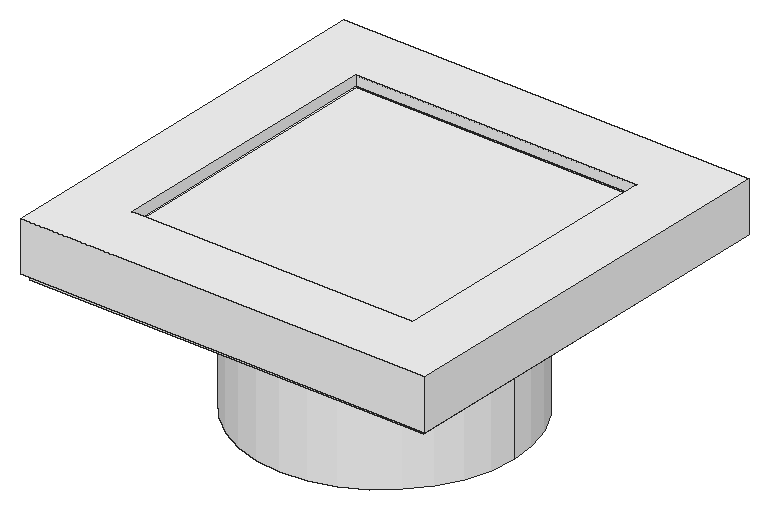
Revit family "Gira_014027", category Electrical Fixtures, host Face, Revit 2017
Family settings
  Host = Face
  Maintain Annotation Orientation = Yes
  Round Connector Dimension = Use Diameter
  Part Type = Normal
  Cut with Voids When Loaded = No
  Shared = No
  Room Calculation Point = No
Parameters (values of type "Hotel-card btn 2-way m-c (ill.) in.sp. System 55 p.white m")
  With lighting = "No"
  White [instance] = White
  URL = "http://katalog.gira.de/en/datenblatt.html?artikelnr=014027"
  Type of fastening = "Mounting with claw and screw"
  Transparent = "No"
  Surface protection = "Other"
  Surface finishing = "Matt"
  Suitable for degree of protection (IP) = "IP20"
  Rated current = "10"
  RAL-number (akin) = "9010"
  Number of rockers = "1"
  Nominal voltage = "250"
  Name = "Hotel-card btn 2-way m-c (ill.) in.sp. System 55 p.white m"
  Mounting method = "Flush mounted (plaster)"
  Model = "Single push button"
  Method of operation = "Hotel card"
  Material quality = "Thermoplastic"
  Material = "Plastic"
  Manufacturer URL = "https://www.gira.de/"
  Manufacturer = "Gira"
  Label space/information surface = "Yes"
  Imprint = "None"
  HeinzeBIM = "https://bimportal.heinze.de/bim/hotel-card-btn-2-way-m-c-ill-in-sp-system-55-p-white-m/35ec957bbd07393de02218c6f2cd6bbd381b3f50"
  Halogen free = "Yes"
  HAN = "014027"
  GTIN = "4010337140276"
  Feedback-signal contact = "No"
  Description = "Hotel-crd 2-w m-c cbi in.sp. Sys55 PWm,Hotel-card button 10 AX 250 V~ can be illuminated with inscription space,2-way momentary-contact, 1-pole,pure white matt,Features:,- Applications of the hotel-card button with disassembly safeguard include performing security and energy-saving functions.,- When the hotel card is removed, any devices which are still switched on are deactivated.,- The electric circuit via the push button is only activated when the card has been inserted.,,Notes :,- Further versions are available upon request."
  Default Elevation = 1219.2 mm
  Data sheet (1) = "https://katalog.gira.de/en/download.html?artikelnr=014027"
  Contacts = "1 change-over contact"
  Colour = "White"
  Category = "Push-switch button"
  BIM (1) = "https://media.stage.bim.site/public/gira/36a6b08/Sys55_Komplettgerät_Schalten und Tasten.rfa?public/gira/36a6b08/Sys55_Komplettgerät_Schalten und Tasten.rfa"
  Available = "No"
  Assembly arrangement = "Basic element with central cover plate"
Reference planes
  plane 1 "Center (Front/Back)": y = 0
  plane 2: z = 0
  plane 3 "Center (Left/Right)": x = 0
Forms (mm)
  Extrusion 1, solid, material "White" <- "White", detail levels medium
    sketch origin (0, 0, 0) x (1, 0, 0) y (0, 1, 0)
      loop
        line (-40.4, 40.4) -> (-40.4, -40.4) -> (40.4, -40.4) -> (40.4, 40.4) -> (-40.4, 40.4)
      loop
        line (-28, 28) -> (-28, -28) -> (28, -28) -> (28, 28) -> (-28, 28)
    from 0 to 10
  Extrusion 2, solid, material "White" <- "White", detail levels fine
    sketch origin (0, 0, 0) x (1, 0, 0) y (0, 1, 0)
      loop
        line (-40.4, 40.4) -> (-40.4, -40.4) -> (40.4, -40.4) -> (40.4, 40.4) -> (-40.4, 40.4)
      loop
        line (-28, 28) -> (-28, -28) -> (28, -28) -> (28, 28) -> (-28, 28)
    from 0 to 10
  Extrusion 3, void
    sketch origin (0, 0, 0) x (1, 0, 0) y (0, 1, 0)
      loop
        line (-38.4, 38.4) -> (-38.4, -38.4) -> (38.4, -38.4) -> (38.4, 38.4) -> (-38.4, 38.4)
    from 0 to 8
  Extrusion 4, solid, material "White" <- "White", detail levels medium+fine
    sketch origin (0, 0, 0) x (1, 0, 0) y (0, 1, 0)
      loop
        line (-39.4, 39.4) -> (-39.4, -39.4) -> (39.4, -39.4) -> (39.4, 39.4) -> (-39.4, 39.4)
    from 0 to -1
  Extrusion 5, solid, material "White" <- "White", detail levels medium+fine
    sketch origin (0, 0, 0) x (1, 0, 0) y (0, 1, 0)
      loop
        line (-35.5, 35.5) -> (-35.5, -35.5) -> (35.5, -35.5) -> (35.5, 35.5) -> (-35.5, 35.5)
    from -2 to -3
  Extrusion 6, solid, material "White" <- "White", detail levels medium+fine
    sketch origin (0, 0, 0) x (1, 0, 0) y (0, 1, 0)
      loop
        circle (0, 0) r 26
    from 0 to -27.5
  Extrusion 7, solid, material "White" <- "White", detail levels coarse
    sketch origin (0, 0, 0) x (1, 0, 0) y (0, 1, 0)
      loop
        line (-40.4, 40.4) -> (-40.4, -40.4) -> (40.4, -40.4) -> (40.4, 40.4) -> (-40.4, 40.4)
    from -27.5 to 10
Cuts and joins
  Extrusion 3 cuts Extrusion 2
Dimensions and locks
  aligned and locked: plane 2 to host face
  aligned and locked: level to host face
  aligned and locked: plane 3 "Center (Left/Right)" to nested 2
  aligned and locked: plane 1 "Center (Front/Back)" to nested 2
Nested families
  nested 1: "Sys55_Abdeckung_Schalten und Tasten_floor_base" at (0, 0, 0), type "Sys55_Abdeckung_Schalten und Tasten_floor_base"
  nested 2: "Schalter" at (0, 0, 0), type "Schalter"
Connectors
  electrical at (0, 0, -27.5)
    settings: on Extrusion 6, index 1, voltage 220 V, apparent load 0 VA, apparent load phase1 0 VA, apparent load phase2 0 VA, apparent load phase3 0 VA, power factor 1, load classification "Other", number of poles 1, system type 30, power factor state 1, is connector primary yes, connector utility no, sub classification motor no, connector description ""
Definition of nested family "Sys55_Abdeckung_Schalten und Tasten_floor_base"
  Parameters
    Default Elevation = 1219.2 mm
    White [instance] = none
  Reference planes
    plane 1 "Center (Front/Back)": y = 0
    plane 2: z = 0
    plane 3 "Center (Left/Right)": x = 0
  Forms (mm)
    Extrusion 1, solid
      sketch origin (0, 0, 0) x (1, 0, 0) y (0, 1, 0)
        loop
          line (-1219.2, 1219.2) -> (-1219.2, -1219.2) -> (1219.2, -1219.2) -> (1219.2, 1219.2) -> (-1219.2, 1219.2)
      from 0 to -304.8
    Extrusion 2, solid, material <- "White", detail levels fine
      sketch origin (0, 0, 0) x (1, 0, 0) y (0, 1, 0)
        loop
          line (-27.5, 27.5) -> (-27.5, -27.5) -> (27.5, -27.5) -> (27.5, 27.5) -> (-27.5, 27.5)
      from 0 to 8
    Extrusion 3, void
      sketch origin (0, 0, 0) x (1, 0, 0) y (0, 1, 0)
        loop
          line (26, 26) -> (-26, 26) -> (-26, -26) -> (26, -26) -> (26, 26)
      from 0 to 6
    Extrusion 4, solid, material <- "White", detail levels medium
      sketch origin (0, 0, 0) x (1, 0, 0) y (0, 1, 0)
        loop
          line (-27.5, 27.5) -> (-27.5, -27.5) -> (27.5, -27.5) -> (27.5, 27.5) -> (-27.5, 27.5)
      from 0 to 8
    Extrusion 5, solid, material <- "White", detail levels medium
      sketch origin (0, 0, 0) x (1, 0, 0) y (0, 1, 0)
        loop
          line (11, -17.5) -> (11, 17.5) -> (-11, 17.5) -> (-11, -17.5) -> (11, -17.5)
      from -6 to 6
    Extrusion 6, solid, material <- "White", detail levels fine
      sketch origin (0, 0, 0) x (1, 0, 0) y (0, 1, 0)
        loop
          line (11, 17.5) -> (-11, 17.5) -> (-11, 16.5) -> (11, 16.5) -> (11, 17.5)
        loop
          line (-11, -16.5) -> (-11, -17.5) -> (11, -17.5) -> (11, -16.5) -> (-11, -16.5)
      from -4 to 6
    Extrusion 7, solid, material <- "White", detail levels fine
      sketch origin (0, 0, 0) x (1, 0, 0) y (0, 1, 0)
        loop
          arc (5, 9.347) -> (0, 10.6) -> (-5, 9.347) r 10.6
          line (-5, 9.347) -> (-5, -9.347)
          arc (-5, -9.347) -> (0, -10.6) -> (5, -9.347) r 10.6
          line (5, -9.347) -> (5, 9.347)
      from -6 to 6
    Extrusion 8, solid, material <- "White", detail levels coarse
      sketch origin (0, 0, 0) x (1, 0, 0) y (0, 1, 0)
        loop
          line (-27.5, 27.5) -> (-27.5, -27.5) -> (27.5, -27.5) -> (27.5, 27.5) -> (-27.5, 27.5)
      from -6 to 8
  Cuts and joins
    Extrusion 3 cuts Extrusion 2
  Dimensions and locks
    aligned and locked: plane 2 to Extrusion 1
    aligned and locked: level to Extrusion 1
Definition of nested family "Schalter"
  Reference planes
    plane 1: y = 0
    plane 2: x = 0
  Lines and regions (mm)
    detail lines
      curve 1: circle (1.375, 2.778, 0) r 0.8 normal (0, 0, 1)
      curve 2: line (1.021, 2.061, 0) -> (0, 0, 0)
      curve 3: line (0, 0, 0) -> (-0.538, 0.266, 0)
  Dimensions and locks
    curve 2 to curve 2 = 2.3 mm
    curve 3 to curve 2 = 0.6 mm
    radius of curve 1 = 0.8 mm
